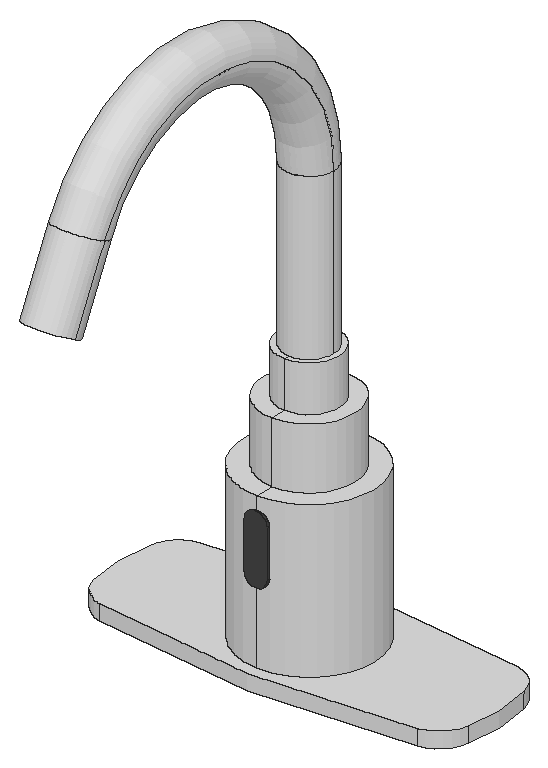
Revit family "Plumbing-Faucet-Sloan-Valve-SF-2250", category Plumbing Fixtures, host Face, Revit 2019
Family settings
  Host = Face
  Round Connector Dimension = Use Diameter
  Part Type = Normal
  OmniClass Number = 23.45.55.14
  OmniClass Title = Single Faucets
  Cut with Voids When Loaded = No
  Shared = No
  Room Calculation Point = No
Parameters (values of type "SF-2250-4-BAT-BDM-CP-0.35GPM-MLM-IR-FCT")
  z_Trim Plate Length = 6 3/16"  # constant formula
  Water Flow = 0.35 GPM
  Width = 6 3/16"  # constant formula
  Waste Connection = no
  WFU = 0
  Vent Connection = no
  Valve Pressure Drop = 0.00 psi
  URL = "www.sloanvalve.com"
  Product data url = "https://bimobject.com/sloan_valve/product/faucets_sloan_sf-2250"
  Product Material = Sloan Valve - Finish - Polished Chrome
  Product Guid = ""
  Part Number = "3362180"
  Model = "SF-2250-4-BAT-BDM-CP-0.35GPM-MLM-IR-FCT"
  Manufacturer = "Sloan Valve"  # constant formula
  Keynote = "15410"
  Hot Water Connection Diameter = 3/8"
  Height = 10"  # constant formula
  HWFU = 1.5
  HW Connection = yes
  Edition number = 1
  Description = "4\" Trim Plate, Battery Power Supply, Below Deck Manual Mixing Valve, Polished Chrome Finish, 0.35 gpm, Multi-Laminar Spray, Infrared Sensor, Sloan® Battery-Powered Deck-Mounted Gooseneck Body Faucet."
  Depth = 6 5/8"  # constant formula
  Default Elevation = 0"
  Cold Water Connection Diameter = 3/8"
  CWFU = 1.5
  CW Connection = yes
  Assembly Code = "D2010"
Types (9): name | Water Flow | Part Number | Model | Description
  SF-2250-4-BAT-BDM-CP-0.35GPM-MLM-IR-FCT | 0.35 GPM | "3362180" | "SF-2250-4-BAT-BDM-CP-0.35GPM-MLM-IR-FCT" | "4\" Trim Plate, Battery Power Supply, Below Deck Manual Mixing Valve, Polished Chrome Finish, 0.35 gpm, Multi-Laminar Spray, Infrared Sensor, Sloan® Battery-Powered Deck-Mounted Gooseneck Body Faucet."
  SF-2250-4-BAT-BDM-CP-1.0GPM-LAM-IR-FCT | 1 GPM | "3362151" | "SF-2250-4-BAT-BDM-CP-1.0GPM-LAM-IR-FCT" | "4\" Trim Plate, Battery Power Supply, Below Deck Manual Mixing Valve, Polished Chrome Finish, 1.0 gpm, Laminar Spray, Infrared Sensor, Sloan® Battery-Powered Deck-Mounted Gooseneck Body Faucet."
  SF-2250-4-BAT-BDM-CP-1.5GPM-LAM-IR-FCT | 1.5 GPM | "3362148" | "SF-2250-4-BAT-BDM-CP-1.5GPM-LAM-IR-FCT" | "4\" Trim Plate, Battery Power Supply, Below Deck Manual Mixing Valve, Polished Chrome Finish, 1.5 gpm, Laminar Spray, Infrared Sensor, Sloan® Battery-Powered Deck-Mounted Gooseneck Body Faucet."
  SF-2250-4-BAT-BDM-CP-2.2GPM-LAM-IR-FCT | 2.2 GPM | "3362112" | "SF-2250-4-BAT-BDM-CP-2.2GPM-LAM-IR-FCT" | "4\" Trim Plate, Battery Power Supply, Below Deck Manual Mixing Valve, Polished Chrome Finish, 2.2 gpm, Laminar Spray, Infrared Sensor, Sloan® Battery-Powered Deck-Mounted Gooseneck Body Faucet."
  SF-2250-4-BAT-TEE-CP-0.35GPM-MLM-IR-FCT | 0.35 GPM | "3362173" | "SF-2250-4-BAT-TEE-CP-0.35GPM-MLM-IR-FCT" | "4\" Trim Plate, Battery Power Supply, Back-Check Tee, Polished Chrome Finish, 0.35 gpm, Multi-Laminar Spray, Infrared Sensor, Sloan® Battery-Powered Deck-Mounted Gooseneck Body Faucet."
  SF-2250-4-BAT-TEE-CP-0.5GPM-MLM-IR-FCT | 0.5 GPM | "3362144" | "SF-2250-4-BAT-TEE-CP-0.5GPM-MLM-IR-FCT" | "4\" Trim Plate, Battery Power Supply, Back-Check Tee, Polished Chrome Finish, 0.5 gpm, Multi-Laminar Spray, Infrared Sensor, Sloan® Battery-Powered Deck-Mounted Gooseneck Body Faucet."
  SF-2250-4-BAT-TEE-CP-1.0GPM-LAM-IR-FCT | 1 GPM | "3362150" | "SF-2250-4-BAT-TEE-CP-1.0GPM-LAM-IR-FCT" | "4\" Trim Plate, Battery Power Supply, Back-Check Tee, Polished Chrome Finish, 1.0 gpm, Laminar Spray, Infrared Sensor, Sloan® Battery-Powered Deck-Mounted Gooseneck Body Faucet."
  SF-2250-4-BAT-TEE-CP-1.5GPM-LAM-IR-FCT | 1.5 GPM | "3362145" | "SF-2250-4-BAT-TEE-CP-1.5GPM-LAM-IR-FCT" | "4\" Trim Plate, Battery Power Supply, Back-Check Tee, Polished Chrome Finish, 1.5 gpm, Laminar Spray, Infrared Sensor, Sloan® Battery-Powered Deck-Mounted Gooseneck Body Faucet."
  SF-2250-4-BAT-TEE-CP-2.2GPM-LAM-IR-FCT | 2.2 GPM | "3362104" | "SF-2250-4-BAT-TEE-CP-2.2GPM-LAM-IR-FCT" | "4\" Trim Plate, Battery Power Supply, Back-Check Tee, Polished Chrome Finish, 2.2 gpm, Laminar Spray, Infrared Sensor, Sloan® Battery-Powered Deck-Mounted Gooseneck Body Faucet."
Reference planes (in)
  plane 1 "Center (Front/Back)": y = 0
  plane 2: z = 0
  plane 3 "Center (Left/Right)": x = 0
  plane 4: x = -0.25
  plane 5: x = 0
Dimensions and locks (in)
  locked: plane 3 "Center (Left/Right)" to plane 4 at 0.25
  plane 5 to plane 3 "Center (Left/Right)" = 0"
  group 2 to group 1 = 1/4"
  group 1 to group 2 = 0"  (x2)
  aligned and locked: plane 2 to host face
  aligned and locked: level to host face
  aligned and locked: plane 5 to nested 2
  aligned and locked: plane 1 "Center (Front/Back)" to nested 1
  aligned and locked: plane 1 "Center (Front/Back)" to nested 3
  aligned and locked: plane 3 "Center (Left/Right)" to nested 3
  aligned and locked: nested 3 to plane 2
Nested families (in)
  nested 1: "Connection" at (0.25, 0, 0), type "Connection"
  nested 2: "Connection" at (0, 0, 0), type "Connection"
  nested 3: "Geometry" at (0, 0, 0), type "Geometry"
Connectors (in)
  piping at (0, 0, 0), diameter 0.375, driven by "Cold Water Connection Diameter", driven by "CWFU", driven by "Valve Pressure Drop", driven by "Water Flow"
    settings: on nested 2, index 1, connector inside diameter 24", connector length 0", flow factor 0, pipe flow 0.35 GPM, pressure drop 0.00 psi, fitting loss kfactor 0, connector angle 0.00°, fixture units 1.5, engagement length 0", angle of deflection 0.00°, flow configuration 1, flow direction 1, fitting loss method 4, system type 20, joint type 0, gender type 0, connector reference index -1, connector utility 0, adjustable connector no, is connector primary yes, connector description "Pretempered Water Supply Connection"
Definition of nested family "Geometry"
  Parameters (values of type "Geometry")
    z_Trim Plate = yes
    URL = ""
    Product Material = none
    Model = ""
    Manufacturer = ""
    Description = ""
    Default Elevation = 0"
    Assembly Code = ""
  Reference planes (in)
    plane 1 "Center (Front/Back)": y = 0
    plane 2: z = 0
    plane 3 "Center (Left/Right)": x = 0
    plane 4: y = -5.25
    plane 5: z = 7
    plane 6: z = 10
    plane 7: through (0, -5.25, 7) normal (0, -0.891, 0.454)
    plane 8: x = 1.0625
    plane 9: x = -1.0625
    plane 10: x = 3
    plane 11: x = -3
    plane 12: y = -1.0625
    plane 13: y = 1.0625
    plane 14: x = 0
    plane 15: x = -3.09375
    plane 16: x = 3.09375
    plane 17: y = 0
    plane 18: y = -1.25
    plane 19: y = 1.25
  Forms (in)
    Revolve 1, solid, material <- "Product Material"
      sketch origin (0, 0, 0) x (0, 1, 0) y (0, 0, 1)
        loop
          line (0, 0) -> (1.0625, 0) -> (1.0625, 2.75) -> (0.75, 2.75) -> (0.75, 3.75) -> (0.5, 3.75) -> (0.5, 4.5) -> (0, 4.5) -> (0, 0)
        axis (0, 4.5) -> (0, 0)
      angle from 0 to 360
    Sweep 2, solid, material <- "Product Material"
      path origin (0, 0, -0.01172) x (0, 1, 0) y (0, 0, 1)
        loop
          line (0, 4.42224) -> (0, 7.17224)
          arc (0, 7.17224) -> (-1.91445, 9.5497) -> (-4.64552, 8.18637) r 2.43345
          line (-4.64552, 8.18637) -> (-5.24403, 7.01172)
      profile origin (0, 0, 5.78552) x (0, -1, 0) y (1, 0, 0)
        loop
          circle (0, 0) r 0.40625
    Extrusion 3, solid, material <- "Product Material", visible <- "z_Trim Plate"
      sketch origin (-19.56531, -6.55539, 0) x (1, 0, 0) y (0, 1, 0)
        loop
          arc (16.98819, 7.57052) -> (16.68859, 7.41483) -> (16.52774, 7.11797) r 0.57593
          arc (16.52774, 7.11797) -> (16.47156, 6.55539) -> (16.52774, 5.99281) r 2.84483
          arc (16.52774, 5.99281) -> (16.68859, 5.69595) -> (16.98819, 5.54026) r 0.57593
          arc (16.98819, 5.54026) -> (19.56531, 5.30539) -> (22.14244, 5.54026) r 14.25619
          arc (22.14244, 5.54026) -> (22.44203, 5.69595) -> (22.60288, 5.99281) r 0.57593
          arc (22.60288, 5.99281) -> (22.65906, 6.55539) -> (22.60288, 7.11797) r 2.84483
          arc (22.60288, 7.11797) -> (22.44203, 7.41483) -> (22.14244, 7.57052) r 0.57593
          arc (22.14244, 7.57052) -> (19.56531, 7.80539) -> (16.98819, 7.57052) r 14.25619
        loop
          circle (19.56531, 6.55539) r 0.625
      from 0 to 0.25
    Extrusion 4, solid
      sketch origin (0, 0, 0) x (1, 0, 0) y (0, 0, 1)
        loop
          line (-0.1875, 2.35835) -> (-0.1875, 1.60835)
          arc (-0.1875, 1.60835) -> (0, 1.42085) -> (0.1875, 1.60835) r 0.1875
          line (0.1875, 1.60835) -> (0.1875, 2.35835)
          arc (0.1875, 2.35835) -> (0, 2.54585) -> (-0.1875, 2.35835) r 0.1875
      from 0.87761 to 1.08026
  Cuts and joins
    joined: Revolve 1, Sweep 2
  Lines and regions (in)
    Masking region 1
      outline origin (0, 0, 0) x (1, 0, 0) y (0, 1, 0)
        loop
          arc (2.57712, 1.01513) -> (0, 1.25) -> (-2.57712, 1.01513) r 14.25619
          arc (-2.57712, 1.01513) -> (-2.87672, 0.85944) -> (-3.03757, 0.56258) r 0.57593
          arc (-3.03757, 0.56258) -> (-3.09375, 0) -> (-3.03757, -0.56258) r 2.84483
          arc (-3.03757, -0.56258) -> (-2.87672, -0.85944) -> (-2.57712, -1.01513) r 0.57593
          arc (-2.57712, -1.01513) -> (-1.49608, -1.17128) -> (-0.40625, -1.24421) r 14.25619
          line (-0.40625, -1.24421) -> (-0.40625, -5.24403)
          spline (-0.40625, -5.24403) -> (-0.39241, -5.33771) -> (-0.35182, -5.42501) -> (-0.28726, -5.49998) -> (-0.20312, -5.55751) -> (-0.10515, -5.59367) -> (0, -5.606) -> (0.10515, -5.59367) -> (0.20313, -5.55751) -> (0.28726, -5.49998) -> (0.35182, -5.42501) -> (0.39241, -5.33771) -> (0.40625, -5.24403)
          line (0.40625, -5.24403) -> (0.40625, -1.24421)
          arc (0.40625, -1.24421) -> (1.49608, -1.17128) -> (2.57712, -1.01513) r 14.25619
          arc (2.57712, -1.01513) -> (2.87672, -0.85944) -> (3.03757, -0.56258) r 0.57593
          arc (3.03757, -0.56258) -> (3.09375, 0) -> (3.03757, 0.56258) r 2.84483
          arc (3.03757, 0.56258) -> (2.87672, 0.85944) -> (2.57712, 1.01513) r 0.57593
    Masking region 2, not visible
      outline origin (0, 0, 0) x (1, 0, 0) y (0, 0, 1)
        loop
          line (3.09375, 0) -> (3.09375, 0.25) -> (1.0625, 0.25) -> (1.0625, 2.75) -> (0.75, 2.75) -> (0.75, 3.75) -> (0.5, 3.75) -> (0.5, 4.5) -> (0.40625, 4.5) -> (0.40625, 9.57909)
          arc (0.40625, 9.57909) -> (0, 9.98534) -> (-0.40625, 9.57909) r 0.40625
          line (-0.40625, 9.57909) -> (-0.40625, 4.5) -> (-0.5, 4.5) -> (-0.5, 3.75) -> (-0.75, 3.75) -> (-0.75, 2.75) -> (-1.0625, 2.75) -> (-1.0625, 0.25) -> (-3.09375, 0.25) -> (-3.09375, 0) -> (3.09375, 0)
    Masking region 3, not visible
      outline origin (0, 0, 0) x (0, 1, 0) y (0, 0, 1)
        loop
          line (1.25, 0) -> (1.25, 0.25) -> (1.0625, 0.25) -> (1.0625, 2.75) -> (0.75, 2.75) -> (0.75, 3.75) -> (0.5, 3.75) -> (0.5, 4.5) -> (0.40625, 4.5) -> (0.40625, 7.16582)
          arc (0.40625, 7.16582) -> (-1.7687, 9.92474) -> (-4.95912, 8.45393) r 2.83731
          line (-4.95912, 8.45393) -> (-5.60597, 7.18442) -> (-4.88206, 6.81557) -> (-4.24419, 8.06746)
          arc (-4.24419, 8.06746) -> (-1.95346, 9.1235) -> (-0.39184, 7.14259) r 2.03719
          line (-0.39184, 7.14259) -> (-0.39184, 4.5) -> (-0.5, 4.5) -> (-0.5, 3.75) -> (-0.75, 3.75) -> (-0.75, 2.75) -> (-1.0625, 2.75) -> (-1.0625, 0.25) -> (-1.25, 0.25) -> (-1.25, 0) -> (1.25, 0)
    symbolic lines, detail levels medium+fine
      curve 1: arc (-0.40625, 0, 0) -> (0, 0.40625, 0) -> (0.40625, 0, 0) r 0.40625
      curve 2: line (-0.40625, -1.24421, 0) -> (-0.40625, 0, 0)
      curve 3: line (0.40625, -1.24421, 0) -> (0.40625, 0, 0)
      curve 4: arc (0, 1.0625, 0) -> (-1.04212, 0.2071, 0) -> (-0.40625, -0.98177, 0) r 1.0625
      curve 5: arc (0.40625, -0.98177, 0) -> (1.04212, 0.2071, 0) -> (0, 1.0625, 0) r 1.0625
    symbolic lines, not visible, detail levels medium+fine
      curve 6: spline (-0.40625, 0, 7) -> (-0.39241, 0, 6.95227) -> (-0.35182, 0, 6.90778) -> (-0.28726, 0, 6.86959) -> (-0.20312, 0, 6.84028) -> (-0.10515, 0, 6.82185) -> (0, 0, 6.81557) -> (0.10515, 0, 6.82185) -> (0.20313, 0, 6.84028) -> (0.28726, 0, 6.86959) -> (0.35182, 0, 6.90778) -> (0.39241, 0, 6.95227) -> (0.40625, 0, 7)
      curve 7: spline (0.40625, 0, 7) -> (0.39241, 0, 7.04773) -> (0.35182, 0, 7.09222) -> (0.28726, 0, 7.13041) -> (0.20313, 0, 7.15972) -> (0.10515, 0, 7.17815) -> (0, 0, 7.18443) -> (-0.10515, 0, 7.17815) -> (-0.20312, 0, 7.15972) -> (-0.28726, 0, 7.13041) -> (-0.35182, 0, 7.09222) -> (-0.39241, 0, 7.04773) -> (-0.40625, 0, 7)
      curve 8: line (0.40625, 0, 4.5) -> (-0.40625, 0, 4.5)
      curve 10: line (0.5, 0, 3.75) -> (-0.5, 0, 3.75)
      curve 11: line (0.75, 0, 2.75) -> (-0.75, 0, 2.75)
      curve 17: line (0, 0.5, 4.5) -> (0, -0.5, 4.5)
      curve 18: line (0, 1.25, 0.25) -> (0, -1.25, 0.25)
      curve 19: line (0, 1.0625, 2.75) -> (0, -1.0625, 2.75)
      curve 20: line (0, 0.75, 3.75) -> (0, -0.75, 3.75)
    symbolic lines, not visible, detail levels fine
      curve 9: spline (-0.40624, 0, 7.7059) -> (-0.39242, 0, 7.75155) -> (-0.35184, 0, 7.79409) -> (-0.28728, 0, 7.83062) -> (-0.20314, 0, 7.85865) -> (-0.10516, 0, 7.87628) -> (0, 0, 7.88229) -> (0.10516, 0, 7.87628) -> (0.20314, 0, 7.85865) -> (0.28728, 0, 7.83062) -> (0.35184, 0, 7.79409) -> (0.39242, 0, 7.75155) -> (0.40624, 0, 7.7059)
      curve 12: arc (-0.1875, 0, 1.60835) -> (0, 0, 1.42085) -> (0.1875, 0, 1.60835) r 0.1875
      curve 13: line (0.1875, 0, 1.60835) -> (0.1875, 0, 2.35835)
      curve 14: arc (0.1875, 0, 2.35835) -> (0, 0, 2.54585) -> (-0.1875, 0, 2.35835) r 0.1875
      curve 15: line (-0.1875, 0, 2.35835) -> (-0.1875, 0, 1.60835)
      curve 16: line (1.0625, 0, 0.25) -> (-1.0625, 0, 0.25)
      curve 21: line (0, -4.504, 7.55755) -> (0, -5.22791, 7.92641)
  Dimensions and locks (in)
    level to plane 6 = 10"
    plane 1 "Center (Front/Back)" to plane 4 = 5 1/4"
    plane 13 to plane 12 = 2 1/8"
    angle plane 4 to plane 7 = 27.00°
Definition of nested family "Connection"
  Parameters (values of type "Connection")
    Default Elevation = 48"
  Reference planes (in)
    plane 1 "Center (Front/Back)": y = 0
    plane 2: z = 0
    plane 3 "Center (Left/Right)": x = 0
  Forms (in)
    Extrusion 1, solid
      sketch origin (0, 0, 0) x (1, 0, 0) y (0, 1, 0)
        loop
          line (-48, 48) -> (-48, -48) -> (48, -48) -> (48, 48) -> (-48, 48)
      from 0 to -12
    Extrusion 2, solid, not visible
      sketch origin (0, 0, 0) x (1, 0, 0) y (0, 1, 0)
        loop
          circle (0, 0) r 0.19685
      from 0 to -0.34945
  Dimensions and locks (in)
    aligned and locked: plane 2 to Extrusion 1
    aligned and locked: level to Extrusion 1
